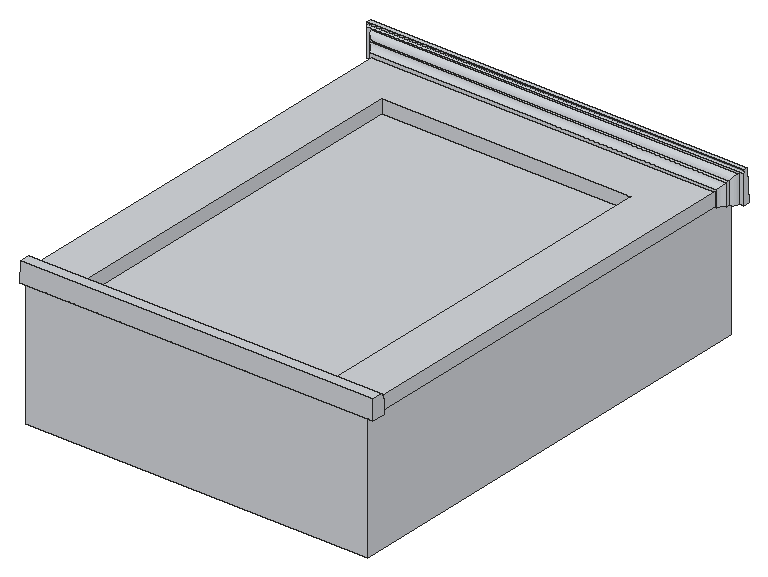
Revit family "93866b27c4334a98ab9551808df46f2f", category Generic Models, host Face, Revit 2021
Family settings
  Host = Face
  Can host rebar = No
  Round Connector Dimension = Use Diameter
  Part Type = Normal
  Cut with Voids When Loaded = No
  Shared = Yes
  Room Calculation Point = No
Parameters (values of type "2" Cornice")
  Trim Width = 0' - 4 1/2"
  Trim Thickness = 0' - 1 1/4"
  Trim Material [instance] = none
  Sill Thickness = 0' - 1 1/4"
  Opening Width [instance] = 2' - 0"
  Opening Height [instance] = 3' - 0"
  Length = Cornice Thickness * 0.7  # 0' - 1.4"
  Default Elevation = 4' - 0"
  Cornice Thickness = 0' - 2"
  Cornice Depth = Trim Thickness + 0' 1 7/8"  # 0' - 3 1/8"
Types (2): name | Trim Width | Length | Cornice Thickness
  2" Cornice | 0' - 4 1/2" | 0' - 1.4" | 0' - 2"
  3 5/8" Cornice | 0' - 3 1/2" | 0' - 2.5375" | 0' - 3 5/8"
Reference planes (in)
  plane 1 "Center (Front/Back)": y = 0
  plane 2: z = 0
  plane 3 "Center (Left/Right)": x = 0
  plane 4: y = 4.5
  plane 5 "Left": x = -12
  plane 6 "Right": x = 12
  plane 7 "Bottom": y = -36
  plane 8: x = 16.5
  plane 9 "1": x = -16.5
  plane 10: z = 1.25
  plane 11: x = 16.75
  plane 12: x = -16.75
  plane 13: y = -18
  plane 14: y = 6.5
  plane 15: z = 3.125
  plane 16: z = 2.08333
  plane 17: x = -18.15
  plane 18: x = 18.15
  plane 19: y = -37.25
  plane 20: z = 1.875
  plane 21: x = -17
  plane 22: x = 17
  plane 23: y = 5.64286
  plane 24: y = 5.07143
  plane 25: z = 1.5625
  plane 26: z = 1.5625
  plane 27: z = 2.60417
  plane 28: y = 6.21429
  plane 29: y = 5.35714
  plane 30: y = 4.78571
  plane 31: y = 5.92857
  plane 32: z = 2.86458
  plane 33: z = 2.99479
  plane 34: z = 2.73437
  plane 35: y = 6.35714
  plane 36: y = 5.92857
  plane 37: y = 5.35714
  plane 38: y = 4.78571
  plane 39: y = 5.07143
  plane 40: y = 6.21429
  plane 41: y = 5.64286
  plane 42: x = -17.68333
  plane 43: x = -17.21667
  plane 44: x = 17.21667
  plane 45: x = 17.68333
Forms (in)
  Extrusion 1, solid
    sketch origin (0, 0, 0) x (1, 0, 0) y (0, 1, 0)
      loop
        line (-16.5, 6.5) -> (-16.5, -37.25) -> (16.5, -37.25) -> (16.5, 6.5) -> (-16.5, 6.5)
    from 0 to -12
  Extrusion 2, solid, material <- "Trim Material"
    sketch origin (0, 0, 0) x (1, 0, 0) y (0, 1, 0)
      loop
        line (-16.5, -36) -> (-12, -36) -> (-12, 0) -> (12, 0) -> (12, -36) -> (16.5, -36) -> (16.5, 4.5) -> (-16.5, 4.5) -> (-16.5, -36)
    from 0 to 1.25
  Extrusion 3, solid, material <- "Trim Material"
    sketch origin (0, 0, 0) x (0, 1, 0) y (0, 0, 1)
      loop
        line (-36, 0) -> (-36, 1.25) -> (-36.22748, 1.875) -> (-37.25, 1.875) -> (-37.25, 0) -> (-36, 0)
    from -17 to 17
  Extrusion 4, solid, material <- "Trim Material"
    sketch origin (-16.5, 0, 0) x (0, -1, 0) y (0, 0, 1)
      loop
        line (-6.5, 0) -> (-4.5, 0) -> (-4.5, 1.5625)
        arc (-4.5, 1.5625) -> (-4.88211, 1.71716) -> (-5.07143, 2.08333) r 0.59375
        line (-5.07143, 2.08333) -> (-5.35714, 2.08333)
        arc (-5.35714, 2.08333) -> (-5.54646, 2.44951) -> (-5.92857, 2.60417) r 0.59375
        line (-5.92857, 2.60417) -> (-5.92857, 2.73437)
        arc (-5.92857, 2.73437) -> (-6.05878, 2.86458) -> (-5.92857, 2.99479) r 0.13021
        line (-5.92857, 2.99479) -> (-5.92857, 3.125) -> (-6.35714, 3.125) -> (-6.5, 0)
    from -34.65 to 1.65
  Extrusion 5, void
    sketch origin (0, 0, 0) x (1, 0, 0) y (0, 1, 0)
      loop
        line (-18.15, 4.5) -> (-16.75, 4.5)
        arc (-16.75, 4.5) -> (-16.88657, 4.86473) -> (-17.21667, 5.07143) r 0.60709
        line (-17.21667, 5.07143) -> (-17.21667, 5.35714)
        arc (-17.21667, 5.35714) -> (-17.54676, 5.56384) -> (-17.68333, 5.92857) r 0.60709
        line (-17.68333, 5.92857) -> (-18.15, 5.92857) -> (-18.15, 4.5)
      loop
        line (16.75, 4.5) -> (18.15, 4.5) -> (18.15, 5.92857) -> (17.68333, 5.92857)
        arc (17.68333, 5.92857) -> (17.54676, 5.56384) -> (17.21667, 5.35714) r 0.60709
        line (17.21667, 5.35714) -> (17.21667, 5.07143)
        arc (17.21667, 5.07143) -> (16.88657, 4.86473) -> (16.75, 4.5) r 0.60709
    from 0 to 3.125
Cuts and joins
  Extrusion 5 cuts Extrusion 4
Dimensions and locks (in)
  equal spacing: plane 5 "Left", plane 3 "Center (Left/Right)", plane 6 "Right"
  "Opening Width": plane 5 "Left" to plane 6 "Right"
  "Opening Height": plane 7 "Bottom" to plane 1 "Center (Front/Back)"
  "Trim Width": plane 9 "1" to plane 5 "Left"
  "Trim Width": plane 6 "Right" to plane 8
  "Trim Width": plane 1 "Center (Front/Back)" to plane 4
  locked: plane 12 to plane 9 "1" at 0.25
  locked: plane 8 to plane 11 at 0.25
  equal spacing: plane 7 "Bottom", plane 13, plane 1 "Center (Front/Back)"
  "Trim Thickness": plane 10 to plane 2
  "Length": plane 17 to plane 12
  "Length": plane 11 to plane 18
  "Cornice Thickness": plane 14 to plane 4
  "Sill Thickness": plane 7 "Bottom" to plane 19
  locked: plane 20 to plane 10 at 0.625
  "Cornice Depth": plane 15 to plane 2
  locked: plane 21 to plane 9 "1" at 0.5
  locked: plane 8 to plane 22 at 0.5
  locked: plane 26 to plane 10 at 0.3125
  equal spacing: plane 15, plane 27, plane 16, plane 26
  equal spacing: plane 14, plane 28, plane 31, plane 23, plane 29, plane 24, plane 30, plane 4
  equal spacing: plane 15, plane 33, plane 32, plane 34, plane 27
  equal spacing: plane 14, plane 35, plane 28
  equal spacing: plane 14, plane 40, plane 36, plane 41, plane 37, plane 39, plane 38, plane 4
  equal spacing: plane 17, plane 42, plane 43, plane 12
  equal spacing: plane 11, plane 44, plane 45, plane 18
  locked: Extrusion 3 sketch curve to plane 7 "Bottom" (angle 20.00°)
  aligned and locked: plane 2 to Extrusion 1
  aligned and locked: level to Extrusion 1
  aligned and locked: Extrusion 2 sketch curve to plane 5 "Left"
  aligned and locked: Extrusion 2 sketch curve to plane 9 "1"
  aligned and locked: plane 7 "Bottom" to Extrusion 2 sketch curve  (x2)
  aligned and locked: plane 1 "Center (Front/Back)" to Extrusion 2 sketch curve
  aligned and locked: plane 8 to Extrusion 2 sketch curve
  aligned and locked: Extrusion 2 sketch curve to plane 6 "Right"
  aligned and locked: plane 10 to Extrusion 2
  aligned and locked: Extrusion 3 sketch curve to level
  aligned and locked: plane 7 "Bottom" to Extrusion 3 sketch curve
  aligned and locked: Extrusion 2 sketch curve to plane 4
  aligned and locked: plane 17 to Extrusion 4
  aligned and locked: plane 18 to Extrusion 4
  aligned and locked: plane 15 to Extrusion 5
  aligned and locked: Extrusion 5 to plane 2
  aligned and locked: plane 19 to Extrusion 3 sketch curve
  aligned and locked: plane 20 to Extrusion 3 sketch curve
  aligned and locked: plane 21 to Extrusion 3
  aligned and locked: Extrusion 3 to plane 22
  aligned and locked: plane 2 to Extrusion 4 sketch curve
  aligned and locked: plane 4 to Extrusion 4 sketch curve  (x2)
  aligned and locked: plane 26 to Extrusion 4 sketch curve
  aligned and locked: plane 14 to Extrusion 4 sketch curve
  aligned and locked: Extrusion 4 sketch curve to plane 2
  aligned and locked: plane 24 to Extrusion 4 sketch curve
  aligned and locked: plane 29 to Extrusion 4 sketch curve
  aligned and locked: plane 16 to Extrusion 4 sketch curve
  aligned and locked: plane 34 to Extrusion 4 sketch curve
  aligned and locked: plane 27 to Extrusion 4 sketch curve
  aligned and locked: plane 31 to Extrusion 4 sketch curve
  aligned and locked: plane 33 to Extrusion 4 sketch curve
  aligned and locked: plane 15 to Extrusion 4 sketch curve
  aligned and locked: Extrusion 4 sketch curve to plane 31
  aligned and locked: Extrusion 4 sketch curve to plane 15
  aligned and locked: plane 17 to Extrusion 5 sketch curve  (x2)
  aligned and locked: plane 12 to Extrusion 5 sketch curve
  aligned and locked: Extrusion 5 sketch curve to plane 4  (x2)
  aligned and locked: plane 42 to Extrusion 5 sketch curve
  aligned and locked: Extrusion 5 sketch curve to plane 36  (x2)
  aligned and locked: plane 39 to Extrusion 5 sketch curve  (x2)
  aligned and locked: plane 37 to Extrusion 5 sketch curve  (x2)
  aligned and locked: Extrusion 5 sketch curve to plane 43
  aligned and locked: plane 11 to Extrusion 5 sketch curve
  aligned and locked: plane 18 to Extrusion 5 sketch curve  (x2)
  aligned and locked: plane 4 to Extrusion 5 sketch curve
  aligned and locked: plane 36 to Extrusion 5 sketch curve
  aligned and locked: plane 45 to Extrusion 5 sketch curve
  aligned and locked: Extrusion 5 sketch curve to plane 44
Automatic sketch dimensions
  Extrusion 1 sketch curve to Extrusion 1 sketch curve = 2' - 9"
  Extrusion 1 sketch curve to Extrusion 1 sketch curve = 3' - 7 3/4"
  Extrusion 3 sketch curve to plane 10 = 0' - 0"
  Extrusion 4 sketch curve to plane 31 = 0' - 0.01786"
  Extrusion 4 sketch curve to plane 4 = 0' - 0.01786"
  Extrusion 4 sketch curve to plane 35 = 0' - 0"
  Extrusion 5 sketch curve to plane 4 = 0' - 0.01927"  (x2)
  plane 36 to Extrusion 5 sketch curve = 0' - 0.01927"  (x2)
